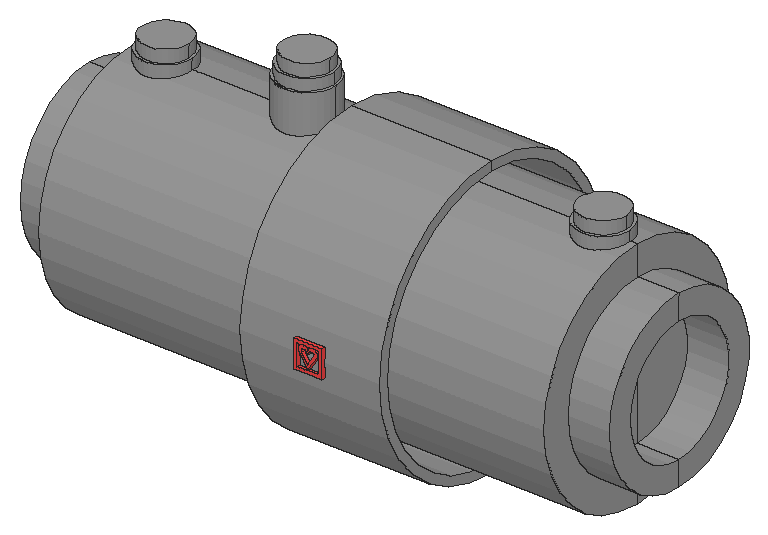
Revit family "Клапан предотвращения обратного потока 0307, внутренняя резьба х внутренняя резьба", category Rohrzubehör, Revit 2020
Family settings
  Bemaßung runder Anschluss = Durchmesser verwenden
  Teiletyp = Unterbricht
  OmniClass-Nummer = 23.65.55.14
  OmniClass-Titel = Valves for Liquid Services
  Arbeitsebenenbasiert = Nein
  Immer vertikal = Ja
  Beim Laden mit Abzugskörper schneiden = Nein
  Gemeinsam genutzt = Nein
Parameters (values of type "внутренняя резьба х внутренняя резьба DN40-DN40")
  Среда = "вода (не пар)"  # constant formula
  Примечание = "В соответствии со статьей 33 Регламента REACH (Registration; Evaluation; Authorisation; Restriction of Chemicals) (EC № 1907/2006) мы обязаны указать, что свинец внесен в список SVHC (Substances of Very High Concern - вещества очень высокой важности) и весовой процент свинца во всех латунных компонентах заводского изготовления в наших изделиях, превышает 0,1 % (w/w) (CAS: 7439-92-1 / EINECS: 231-100-4).\r\nПоскольку свинец является легирующим компонентом сплава, прямое негативное влияние исключается, и поэтому дополнительной информации о безопасном использовании не требуется."
  Область применения = "Клапан предотвращения обратного потока является экономически выгодным решением по дооснащению гидрантов арматурой, в соответствии с предписаниями DIN EN 1717, предотвращающей подсасывание непитьевой воды обратно в трубопровод питьевого водоснабжения.\r\nКлапан предотвращения обратного потока предназначается для установки в горизонтальном положении.\r\nДопускается также его вертикальное положение, но обязательно по направлению движения потока сверху вниз.\r\nКлапан не предусмотрен для установки на стояковых нагнетательных трубопроводах."
  Макс. рабочее давление = 1000000.0 Pa  # constant formula
  Макс. рабочая температура = 65 °C  # constant formula
  Корпус = "нержавеющая сталь"  # constant formula
  Исполнение = "Клапан предотвращения обратного потока ВА разработан согласно требованиям нормы DIN EN 1717.\r\nСогласно этой нормы качество воды, в зависимости от степени загрязнения, разделяется на 5 категорий.\r\nКлапан предотвращения обратного потока типа ВА обеспечивает защиту от непитьевой воды до 4 категории, - это самый высокий класс защиты, который может обеспечить арматура.\r\nБолее низкий уровень защиты, чем тот, что обеспечивается клапаном предотвращения обратного потока, не является стандартом и в случае аварии ответственность несёт потребитель такого гидранта.\r\nФункциональный узел представляет собой картридж с золотником больших размеров и защищающего от гидравлического удара спускного клапана.\r\nРезьбы соединения между собой взаимозаменяемы, при этом возможны 16 вариантов подключения (входная и выходная стороны могут быть с внутренней или наружной резьбой  1 1/2\" , как альтернатива,  с внутренней или наружной резьбой 2\")."
  Vorgabe-Ansicht = 0.000 mm
  URL = "www.herz-armaturen.ru"
  SCTWSEQ = "AW;SBT_TYP_AW=\"104\";2"
  SCTWCODE = "04;12;02"  # constant formula
  S03 = 15.000 mm  # constant formula
  S02 = 45.000 mm  # constant formula
  S01 = 98.000 mm  # constant formula
  Nennweite Ein [instance] = if(IG_IG_DN40_DN40, 40.000 mm, if(IG_IG_DN40_DN50, 40.000 mm, if(IG_IG_DN50_DN40, 50.000 mm, if(IG_IG_DN50_DN50, 50.000 mm, 0.000 mm))))  # 40.000 mm
  Nennweite Aus [instance] = if(IG_IG_DN40_DN40, 40.000 mm, if(IG_IG_DN40_DN50, 50.000 mm, if(IG_IG_DN50_DN40, 40.000 mm, if(IG_IG_DN50_DN50, 50.000 mm, 0.000 mm))))  # 40.000 mm
  Макс. допустимая рабочая температура (кратковременно) = 80 °C  # constant formula
  L08 = 45.000 mm  # constant formula
  L07 = 24.500 mm  # constant formula
  L06 = 70.000 mm  # constant formula
  L05 = 28.000 mm  # constant formula
  L04 = 13.500 mm  # constant formula
  L03 = 84.500 mm  # constant formula
  L02 = 18.000 mm  # constant formula
  L01 = 190.000 mm  # constant formula
  Hersteller = "HERZ Armaturen Ges.m.b.H."  # constant formula
  Положение при монтаже = "горизонтально или вертикально, с направлением потока сверху вниз"  # constant formula
  D04 [instance] = if(IG_IG_DN40_DN40, 28.000 mm, if(IG_IG_DN40_DN50, 33.000 mm, if(IG_IG_DN50_DN40, 28.000 mm, if(IG_IG_DN50_DN50, 33.000 mm, 0.000 mm))))  # 28.000 mm
  D03 [instance] = if(IG_IG_DN40_DN40, 28.000 mm, if(IG_IG_DN40_DN50, 28.000 mm, if(IG_IG_DN50_DN40, 33.000 mm, if(IG_IG_DN50_DN50, 33.000 mm, 0.000 mm))))  # 28.000 mm
  D02 = 45.000 mm  # constant formula
  D01 = 37.500 mm  # constant formula
  Номер заказа [instance] = if(IG_IG_DN40_DN40, "I030701", if(IG_IG_DN40_DN50, "I030709", if(IG_IG_DN50_DN40, "I030713", if(IG_IG_DN50_DN50, "I030705", "0"))))  # "I030701"
  IG_IG_DN50_DN50 = no
  IG_IG_DN50_DN40 = no
  IG_IG_DN40_DN50 = no
  IG_IG_DN40_DN40 = yes
  IG Ein [instance] = Nennweite Ein / 2  # 20.000 mm
  IG Aus [instance] = Nennweite Aus / 2  # 20.000 mm
Types (5, lengths in mm): name | Nennweite Ein | Nennweite Aus | D04 | D03 | Номер заказа | IG_IG_DN50_DN50 | IG_IG_DN50_DN40 | IG_IG_DN40_DN50 | IG_IG_DN40_DN40 | IG Ein | IG Aus
  (no name) | 40.000 | 40.000 | 28.000 | 28.000 | "I030701" | no | no | no | yes | 20.000 | 20.000
  внутренняя резьба х внутренняя резьба DN40-DN50 | 40.000 | 50.000 | 33.000 | 28.000 | "I030709" | no | no | yes | no | 20.000 | 25.000
  внутренняя резьба х внутренняя резьба DN40-DN40 | 40.000 | 40.000 | 28.000 | 28.000 | "I030701" | no | no | no | yes | 20.000 | 20.000
  внутренняя резьба х внутренняя резьба DN50-DN50 | 50.000 | 50.000 | 33.000 | 33.000 | "I030705" | yes | no | no | no | 25.000 | 25.000
  внутренняя резьба х внутренняя резьба DN50-DN40 | 50.000 | 40.000 | 28.000 | 33.000 | "I030713" | no | yes | no | no | 25.000 | 20.000
Reference planes
  plane 1 "Mitte (Vorne/hinten)": y = 0
  plane 2: z = 0
  plane 3 "Mitte (Links/rechts)": x = 0
Forms (mm)
  Revolve 1, solid, material "Messing, weicher Gelbton, geschweißt", detail levels fine
    sketch origin (0, 0, 0) x (1, 0, 0) y (0, 0, 1)
      loop
        line (81.5, 0) -> (81.5, 20) -> (95, 20) -> (95, 28) -> (81.5, 28) -> (81.5, 37.5) -> (-81.5, 37.5) -> (-81.5, 28) -> (-95, 28) -> (-95, 20) -> (-81.5, 20) -> (-81.5, 0) -> (81.5, 0)
      axis (-95, 0) -> (95, 0)
    angle from 0 to 360
  Revolve 2, solid, material "Acetalharz, Schwarz", detail levels fine
    sketch origin (0, 0, 0) x (1, 0, 0) y (0, 0, 1)
      loop
        line (-10.5, 0) -> (1.5, 0) -> (1.5, 42) -> (34.5, 42) -> (34.5, 45) -> (-10.5, 45) -> (-10.5, 0)
      axis (-10.5, 0) -> (34.5, 0)
    angle from 0 to 360
  Extrusion 3, solid, material "Messing, weicher Gelbton, geschweißt", detail levels fine
    sketch origin (0, 0, 0) x (1, 0, 0) y (0, 1, 0)
      loop
        circle (-70.5, 0) r 8.5
      loop
        circle (70.5, 0) r 8.5
    from 0 to 40.5
  Extrusion 4, solid, material "Acetalharz, Schwarz", detail levels fine
    sketch origin (0, 0, 0) x (1, 0, 0) y (0, 1, 0)
      loop
        circle (-70.5, 0) r 7.5
      loop
        circle (70.5, 0) r 7.5
    from 40.5 to 44.5
  Extrusion 5, solid, material "Messing, weicher Gelbton, geschweißt", detail levels fine
    sketch origin (0, 0, 0) x (1, 0, 0) y (0, 1, 0)
      loop
        circle (-25, 0) r 9.3
    from 0 to 49
  Extrusion 6, solid, material "Messing, weicher Gelbton, geschweißt", detail levels fine
    sketch origin (0, 0, 0) x (1, 0, 0) y (0, 1, 0)
      loop
        circle (-25, 0) r 8.5
    from 49 to 52.5
  Extrusion 7, solid, material "Acetalharz, Schwarz", visible <- "IG_IG_DN40_DN50", detail levels fine
    sketch origin (0, 0, 0) x (1, 0, 0) y (0, 1, 0)
      loop
        circle (-25, 0) r 7.5
    from 52.5 to 56.5
  Extrusion 8, solid, material "Acetalharz, Schwarz", visible <- "IG_IG_DN40_DN40", detail levels fine
    sketch origin (0, 0, 0) x (1, 0, 0) y (0, 1, 0)
      loop
        circle (-25, 0) r 7.5
    from 52.5 to 56.4
  Extrusion 9, solid, material "Acetalharz, Schwarz", visible <- "IG_IG_DN50_DN50", detail levels fine
    sketch origin (0, 0, 0) x (1, 0, 0) y (0, 1, 0)
      loop
        circle (-25, 0) r 7.5
    from 52.5 to 56.3
  Extrusion 10, solid, material "Acetalharz, Schwarz", visible <- "IG_IG_DN50_DN40", detail levels fine
    sketch origin (0, 0, 0) x (1, 0, 0) y (0, 1, 0)
      loop
        circle (-25, 0) r 7.5
    from 52.5 to 56.2
Lines and regions (mm)
  model lines, detail levels coarse+medium
    curve 1: line (-95, 0, 37.5) -> (95, 0, 37.5)
    curve 2: line (-95, 0, -37.5) -> (-95, 0, 37.5)
    curve 3: line (95, 0, -37.5) -> (-95, 0, -37.5)
    curve 4: line (95, 0, 37.5) -> (95, 0, -37.5)
    curve 5: line (-95, 0, -22.5) -> (-50, 0, -22.5)
    curve 6: line (-3, 0, -22.5) -> (95, 0, -22.5)
    curve 7: line (-95, 0, 22.5) -> (-50, 0, 22.5)
    curve 8: line (-3, 0, 22.5) -> (95, 0, 22.5)
    curve 9: line (-95, 37.5, 0) -> (95, 37.5, 0)
    curve 10: line (-95, -37.5, 0) -> (-95, 37.5, 0)
    curve 11: line (95, -37.5, 0) -> (-95, -37.5, 0)
    curve 12: line (95, 37.5, 0) -> (95, -37.5, 0)
    curve 13: line (-95, 22.5, 0) -> (-50, 22.5, 0)
    curve 14: line (-3, 22.5, 0) -> (95, 22.5, 0)
    curve 15: line (-95, -22.5, 0) -> (-50, -22.5, 0)
    curve 16: line (-3, -22.5, 0) -> (95, -22.5, 0)
Dimensions and locks
  equal spacing: curve 4, plane 3 "Mitte (Links/rechts)", curve 2
  "L01": curve 4 to curve 2
  "D01": curve 1 to plane 2 to curve 3
  "S03": curve 5 to curve 3
  "S03": curve 1 to curve 7
  "S03": curve 1 to curve 8
  "S03": curve 6 to curve 3
  "S02": curve 5 to curve 2
  "S02": curve 7 to curve 2
  "S01": curve 8 to curve 4
  "S01": curve 6 to curve 4
  equal spacing: curve 10, plane 3 "Mitte (Links/rechts)", curve 12
  "L01": curve 10 to curve 12
  "D01": curve 11 to plane 1 "Mitte (Vorne/hinten)" to curve 9
  "S03": curve 13 to curve 9
  "S03": curve 11 to curve 15
  "S03": curve 14 to curve 9
  "S03": curve 11 to curve 16
  "S01": curve 14 to curve 12
  "S01": curve 16 to curve 12
  "S02": curve 10 to curve 15
  "S02": curve 10 to curve 13
  "D02": Revolve 2 sketch curve to Revolve 2 sketch curve
  equal spacing: Revolve 2, nested 1, Revolve 2
  "D02": nested 1 to plane 1 "Mitte (Vorne/hinten)"
  "IG Ein": Revolve 1 sketch curve to plane 2
  "D03": Revolve 1 sketch curve to plane 2
  "D01": Revolve 1 sketch curve to plane 2
  "L03": Revolve 1 to Revolve 2 sketch curve
  "L07": Revolve 1 to Extrusion 3 sketch curve
  "L07": Revolve 1 to Extrusion 4 sketch curve
  "L06": Revolve 1 to Extrusion 5 sketch curve
  "L06": Revolve 1 to Extrusion 6 sketch curve
  "L06": Revolve 1 to Extrusion 10 sketch curve
  "L06": Revolve 1 to Extrusion 9 sketch curve
  "L06": Revolve 1 to Extrusion 8 sketch curve
  "L06": Revolve 1 to Extrusion 7 sketch curve
  "L08": Revolve 2 sketch curve to Revolve 2 sketch curve
  "IG Aus": Revolve 1 sketch curve to Revolve 1 sketch curve
  "D04": Revolve 1 sketch curve to Revolve 1 sketch curve
  "L01": Revolve 1 sketch curve to Revolve 1 sketch curve
  equal spacing: Revolve 1 sketch curve, plane 3 "Mitte (Links/rechts)", Revolve 1 sketch curve
  "L07": Extrusion 3 sketch curve to Revolve 1
  "L07": Extrusion 4 sketch curve to Revolve 1
  "L04": Revolve 1 sketch curve to Revolve 1 sketch curve  (x2)
  aligned and locked: level to plane 2
Automatic sketch dimensions
  Revolve 1 sketch curve to level = 0.000 mm  (x2)
  Revolve 1 sketch curve to Revolve 1 sketch curve = 0.000 mm
  Revolve 1 sketch curve to Revolve 1 sketch curve = 13.500 mm
  Revolve 1 sketch curve to Revolve 1 sketch curve = 1408.530 mm
  Revolve 1 sketch curve to Revolve 1 sketch curve = 1741.148 mm
  Revolve 2 sketch curve to level = 0.000 mm  (x2)
  plane 3 "Mitte (Links/rechts)" to Revolve 2 sketch curve = 1.500 mm
  Revolve 2 sketch curve to Revolve 2 sketch curve = 3.000 mm
  Revolve 2 sketch curve to Revolve 2 sketch curve = 1496.030 mm
  Revolve 2 sketch curve to Revolve 2 sketch curve = 1804.648 mm
  plane 1 "Mitte (Vorne/hinten)" to Extrusion 3 sketch curve = 0.000 mm  (x2)
  plane 1 "Mitte (Vorne/hinten)" to Extrusion 4 sketch curve = 0.000 mm  (x2)
  plane 1 "Mitte (Vorne/hinten)" to Extrusion 5 sketch curve = 0.000 mm
  plane 1 "Mitte (Vorne/hinten)" to Extrusion 6 sketch curve = 0.000 mm
  plane 1 "Mitte (Vorne/hinten)" to Extrusion 7 sketch curve = 0.000 mm
  plane 1 "Mitte (Vorne/hinten)" to Extrusion 8 sketch curve = 0.000 mm
  plane 1 "Mitte (Vorne/hinten)" to Extrusion 9 sketch curve = 0.000 mm
  plane 1 "Mitte (Vorne/hinten)" to Extrusion 10 sketch curve = 0.000 mm
  radius of Extrusion 3 sketch curve = 8.500 mm  (x2)
  radius of Extrusion 4 sketch curve = 7.500 mm  (x2)
  radius of Extrusion 5 sketch curve = 9.300 mm
  radius of Extrusion 6 sketch curve = 8.500 mm
  radius of Extrusion 7 sketch curve = 7.500 mm
  radius of Extrusion 8 sketch curve = 7.500 mm
  radius of Extrusion 9 sketch curve = 7.500 mm
  radius of Extrusion 10 sketch curve = 7.500 mm
Nested families
  nested 1: "Herz-Logo-vorne" at (12, -45, 0) x (0, 1, 0) z (0, 0, 1), type "Herz-Logo-vorne", detail levels fine
Connectors
  piping at (-81.5, 0, 0), diameter 40, driven by "Nennweite Ein"
    settings: on Revolve 1, index 1, connector inside diameter 609.6 mm, connector length 0.000 mm, flow factor 0, pipe flow 0.0 L/s, pressure drop 0.0 Pa, fitting loss kfactor 0, connector angle 0.00°, fixture units 0, engagement length 0.000 mm, angle of deflection 0.00°, flow configuration 0, flow direction 1, fitting loss method 0, system type 29, joint type 0, gender type 0, connector reference index -1, connector utility 0, adjustable connector no, is connector primary yes, connector description ""
  piping at (81.5, 0, 0), diameter 40, driven by "Nennweite Aus"
    settings: on Revolve 1, index 2, connector inside diameter 609.6 mm, connector length 0.000 mm, flow factor 0, pipe flow 0.0 L/s, pressure drop 0.0 Pa, fitting loss kfactor 0, connector angle 0.00°, fixture units 0, engagement length 0.000 mm, angle of deflection 0.00°, flow configuration 0, flow direction 2, fitting loss method 0, system type 29, joint type 0, gender type 0, connector reference index -1, connector utility 0, adjustable connector no, is connector primary no, connector description ""
Definition of nested family "Herz-Logo-vorne"
  Parameters (values of type "Herz-Logo-vorne")
    Default Elevation = 0.000 mm
  Reference planes
    plane 1 "Mitte (Vorne/hinten)": y = 0
    plane 2: z = 0
    plane 3 "Mitte (Links/rechts)": x = 0
  Forms (mm)
    Extrusion 1, solid
      sketch origin (0.732, -0.018, 0.017) x (0, -1, 0) y (0, 0, 1)
        loop
          line (-0.018, -4.517) -> (4.482, -4.517) -> (4.482, 4.483) -> (-4.518, 4.483) -> (-4.518, -4.517) -> (-0.018, -4.517)
        loop
          line (-0.05, -3.48) -> (3.482, -3.48) -> (3.482, 3.483) -> (-3.518, 3.483) -> (-3.518, -3.48) -> (-0.05, -3.48)
        loop
          arc (-0.018, 2.383) -> (-1.543, 3.287) -> (-3.067, 2.383) r 1.738
          arc (-3.067, 2.383) -> (-3.191, 1.899) -> (-3.067, 1.415) r 1.009
          line (-3.067, 1.415) -> (-0.018, -3.281) -> (3.032, 1.415)
          arc (3.032, 1.415) -> (3.156, 1.899) -> (3.032, 2.383) r 1.009
          arc (3.032, 2.383) -> (1.507, 3.287) -> (-0.018, 2.383) r 1.738
        loop
          arc (1.885, 1.272) -> (2.005, 1.675) -> (1.885, 2.079) r 0.74
          arc (1.885, 2.079) -> (1.265, 2.416) -> (0.644, 2.079) r 0.74
          line (0.644, 2.079) -> (-0.018, 0.97) -> (-0.679, 2.079)
          arc (-0.679, 2.079) -> (-1.3, 2.416) -> (-1.921, 2.079) r 0.74
          arc (-1.921, 2.079) -> (-2.04, 1.675) -> (-1.921, 1.272) r 0.74
          line (-1.921, 1.272) -> (-0.018, -1.658) -> (1.885, 1.272)
      from 0 to 1.5
  Dimensions and locks
    aligned and locked: level to plane 2
